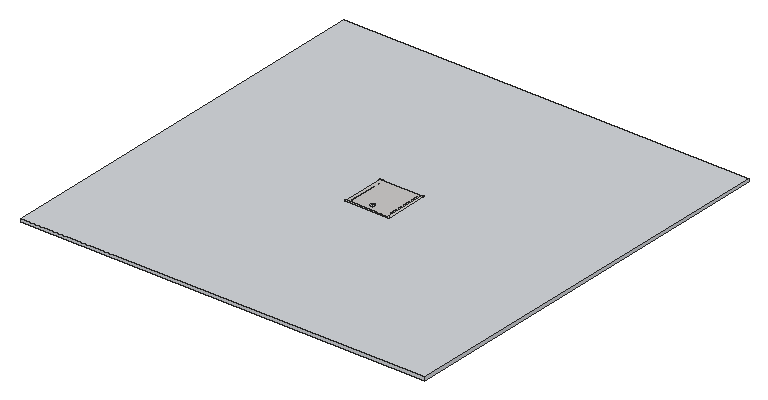
Revit family
Parameters (values of type "8156")
  Waste Connection = no
  WFU = 0
  Vent Connection = no
  URL = "http://www.acorneng.com/"
  Type Comments = ""
  Tempered Water Connection = yes
  SSLF - Stainless Steel Lead Free = no
  Phone# = "626-336-4561"
  Model = "8156"
  Material = Stainless Steel-Acorn-18 Gage-Satin
  Manufacturer = "Acorn Engineering Company"
  HWFU = 3
  HW Connection = yes
  Designed By = "Allied Technical Services"  # constant formula
  Description = "Stainless Steel Recessed Hose Box with Wall Flange and Door (Hot and Cold)"
  Default Elevation = 24"
  Creation Date = "09/25/2015"  # constant formula
  CWFU = 2
  CW Connection = yes
  Assembly Code = "D2020300"
  8156 - Hot & Cold With Vaccum Breaker = yes
Reference planes (in)
  plane 1 "Center (Front/Back)": y = 0
  plane 2: z = 0
  plane 3 "Center (Left/Right)": x = 0
  plane 4: x = -5.25
  plane 5: x = 5.25
  plane 6: y = 5.25
  plane 7: y = -5.25
  plane 8: z = 0.125
  plane 9: z = -1.375
  plane 10: x = -1.75
  plane 11: y = 4.3125
  plane 12: y = -4.3125
  plane 13: x = -4.3125
  plane 14: x = 4.3125
  plane 15: y = -1.8125
  plane 16: y = 1.1875
  plane 17: y = -3.46094
  plane 18: z = -2.5
  plane 19: z = -3.75
  plane 20: z = -1.813
Forms (in)
  Extrusion 1, solid
    sketch origin (0, 0, 0) x (1, 0, 0) y (0, 1, 0)
      loop
        line (-48, 48) -> (-48, -48) -> (48, -48) -> (48, 48) -> (-48, 48)
    from 0 to -0.75
  Blend 2, solid, material "Stainless Steel-Acorn-18 Gage-Satin" <- "Material"
    base sketch origin (0, 0, 0) x (1, 0, 0) y (0, 1, 0)
      loop
        line (-5.25, 5) -> (-5.25, -5)
        arc (-5.25, -5) -> (-5.17678, -5.17678) -> (-5, -5.25) r 0.25
        line (-5, -5.25) -> (5, -5.25)
        arc (5, -5.25) -> (5.17678, -5.17678) -> (5.25, -5) r 0.25
        line (5.25, -5) -> (5.25, 5)
        arc (5.25, 5) -> (5.17678, 5.17678) -> (5, 5.25) r 0.25
        line (5, 5.25) -> (-5, 5.25)
        arc (-5, 5.25) -> (-5.17678, 5.17678) -> (-5.25, 5) r 0.25
    top sketch origin (0, 0, 0) x (1, 0, 0) y (0, 1, 0)
      loop
        line (4.875, 5) -> (-4.875, 5)
        arc (-4.875, 5) -> (-4.96339, 4.96339) -> (-5, 4.875) r 0.125
        line (-5, 4.875) -> (-5, -4.875)
        arc (-5, -4.875) -> (-4.96339, -4.96339) -> (-4.875, -5) r 0.125
        line (-4.875, -5) -> (4.875, -5)
        arc (4.875, -5) -> (4.96339, -4.96339) -> (5, -4.875) r 0.125
        line (5, -4.875) -> (5, 4.875)
        arc (5, 4.875) -> (4.96339, 4.96339) -> (4.875, 5) r 0.125
    from 0 to 0.125
  Extrusion 3, void
    sketch origin (0, 0, 0) x (1, 0, 0) y (0, 1, 0)
      loop
        arc (-4.23485, 4.29631) -> (-4.27904, 4.27801) -> (-4.29735, 4.23381) r 0.0625
        line (-4.29735, 4.23381) -> (-4.29735, -4.23496)
        arc (-4.29735, -4.23496) -> (-4.2789, -4.27951) -> (-4.23435, -4.29796) r 0.063
        line (-4.23435, -4.29796) -> (4.23335, -4.29796)
        arc (4.23335, -4.29796) -> (4.2779, -4.27951) -> (4.29635, -4.23496) r 0.063
        line (4.29635, -4.23496) -> (4.29635, 4.23381)
        arc (4.29635, 4.23381) -> (4.27804, 4.27801) -> (4.23385, 4.29631) r 0.0625
        line (4.23385, 4.29631) -> (-4.23485, 4.29631)
    from -1.36002 to 0.125
  Extrusion 4, solid, material "Stainless Steel-Acorn-18 Gage-Satin" <- "Material"
    sketch origin (0, 0, 0) x (1, 0, 0) y (0, 1, 0)
      loop
        line (-4.3125, 4.21875) -> (-4.3125, -4.21825)
        arc (-4.3125, -4.21825) -> (-4.28489, -4.28489) -> (-4.21825, -4.3125) r 0.09425
        line (-4.21825, -4.3125) -> (4.21825, -4.3125)
        arc (4.21825, -4.3125) -> (4.28489, -4.28489) -> (4.3125, -4.21825) r 0.09425
        line (4.3125, -4.21825) -> (4.3125, 4.21875)
        arc (4.3125, 4.21875) -> (4.28504, 4.28504) -> (4.21875, 4.3125) r 0.09375
        line (4.21875, 4.3125) -> (-4.21875, 4.3125)
        arc (-4.21875, 4.3125) -> (-4.28504, 4.28504) -> (-4.3125, 4.21875) r 0.09375
    from -1.375 to 0
  Revolve 5, solid, material "Stainless Steel-Acorn-18 Gage-Satin" <- "Material"
    sketch origin (1.541, -3.46094, 0) x (1, 0, 0) y (0, 0, 1)
      loop
        line (-1.541, 0.125) -> (-1.541, 0.21641) -> (-1.63361, 0.21641) -> (-1.63361, 0.25) -> (-1.875, 0.25) -> (-2, 0.125) -> (-1.541, 0.125)
      axis (-1.541, 0.125) -> (-1.541, 0.25)
    angle from 0 to 360
  Extrusion 6, void
    sketch origin (0, 0, 0) x (1, 0, 0) y (0, 1, 0)
      loop
        line (0.20172, -3.43665) -> (-0.19476, -3.43665) -> (-0.19476, -3.48523) -> (0.20172, -3.48523) -> (0.20172, -3.43665)
    from 0.21641 to 0.25
  Revolve 7, solid, material "Stainless Steel-Acorn-18 Gage-Satin" <- "Material"
    sketch origin (0.0564, 1.1875, -0.125) x (1, 0, 0) y (0, 0, 1)
      loop
        line (0.3801, -1.39537) -> (0.5361, -1.39537) -> (0.5361, -1.59475) -> (0.4421, -1.59475) -> (0.4421, -2.25125) -> (0.4421, -2.93825)
        arc (0.4421, -2.93825) -> (0.65849, -3.43918) -> (1.17155, -3.625) r 0.688
        line (1.17155, -3.625) -> (1.9116, -3.625) -> (1.9116, -1.25) -> (0.3801, -1.25) -> (0.3801, -1.39537)
      axis (1.9116, -1.25) -> (1.9116, -3.625)
    angle from 0 to 360
  Revolve 8, solid, material "Stainless Steel-Acorn-18 Gage-Satin" <- "Material"
    sketch origin (0.0564, 1.1875, 0.09375) x (1, 0, 0) y (0, 0, 1)
      loop
        line (3.13024, -1.90675) -> (3.13024, -2.59375) -> (4.2561, -2.59375) -> (4.2561, -1.96975) -> (4.1931, -1.90675) -> (4.0061, -1.90675) -> (3.9436, -1.96925) -> (3.64128, -1.96925)
        arc (3.64128, -1.96925) -> (3.61755, -1.96453) -> (3.59744, -1.95109) r 0.062
        line (3.59744, -1.95109) -> (3.57126, -1.92491)
        arc (3.57126, -1.92491) -> (3.55114, -1.91147) -> (3.52742, -1.90675) r 0.062
        line (3.52742, -1.90675) -> (3.13024, -1.90675)
      axis (3.13024, -2.59375) -> (4.2561, -2.59375)
    angle from 0 to 360
  Revolve 9, solid, material "Stainless Steel-Acorn-18 Gage-Satin" <- "Material"
    sketch origin (0, -1.8125, -0.03125) x (1, 0, 0) y (0, 0, 1)
      loop
        line (-2.4949, -1.813) -> (-2.4329, -1.813) -> (-2.4329, -1.90725) -> (-2.28511, -1.90725)
        arc (-2.28511, -1.90725) -> (-2.2478, -1.91973) -> (-2.22551, -1.95215) r 0.062
        line (-2.22551, -1.95215) -> (-1.75, -1.95215) -> (-1.75, -1.34375) -> (-3.75, -1.34375) -> (-3.20833, -1.75) -> (-2.4949, -1.75) -> (-2.4949, -1.813)
      axis (-1.75, -1.34375) -> (-1.75, -1.95215)
    angle from 0 to 360
  Revolve 10, solid, material "Stainless Steel-Acorn-18 Gage-Satin" <- "Material"
    sketch origin (0.0564, -1.8125, -0.125) x (1, 0, 0) y (0, 0, 1)
      loop
        line (0.3801, -1.39537) -> (0.5361, -1.39537) -> (0.5361, -1.59475) -> (0.4421, -1.59475) -> (0.4421, -2.25125) -> (0.4421, -2.93825)
        arc (0.4421, -2.93825) -> (0.65849, -3.43918) -> (1.17155, -3.625) r 0.688
        line (1.17155, -3.625) -> (1.9116, -3.625) -> (1.9116, -1.25) -> (0.3801, -1.25) -> (0.3801, -1.39537)
      axis (1.9116, -1.25) -> (1.9116, -3.625)
    angle from 0 to 360
  Revolve 11, solid, material "Stainless Steel-Acorn-18 Gage-Satin" <- "Material"
    sketch origin (0.0564, -1.8125, 0.09375) x (1, 0, 0) y (0, 0, 1)
      loop
        line (3.13024, -1.90675) -> (3.13024, -2.59375) -> (4.2561, -2.59375) -> (4.2561, -1.96975) -> (4.1931, -1.90675) -> (4.0061, -1.90675) -> (3.9436, -1.96925) -> (3.64128, -1.96925)
        arc (3.64128, -1.96925) -> (3.61755, -1.96453) -> (3.59744, -1.95109) r 0.062
        line (3.59744, -1.95109) -> (3.57126, -1.92491)
        arc (3.57126, -1.92491) -> (3.55114, -1.91147) -> (3.52742, -1.90675) r 0.062
        line (3.52742, -1.90675) -> (3.13024, -1.90675)
      axis (3.13024, -2.59375) -> (4.2561, -2.59375)
    angle from 0 to 360
  Sweep 12, solid, material "Stainless Steel-Acorn-18 Gage-Satin" <- "Material"
    path origin (0, 0, 0) x (1, 0, 0) y (0, 0, 1)
      loop
        line (0.78789, -2.5) -> (-1.25, -2.5)
        arc (-1.25, -2.5) -> (-1.60355, -2.35355) -> (-1.75, -2) r 0.5
        line (-1.75, -2) -> (-1.75, -1.78125)
    profile origin (-0.23105, 0, -2.5) x (0, 0, -1) y (0, -1, 0)
      loop
        circle (0, 1.8125) r 0.375
  Sweep 13, solid, material "Stainless Steel-Acorn-18 Gage-Satin" <- "Material"
    path origin (0, 0, 0) x (1, 0, 0) y (0, 1, 0)
      loop
        line (1.22795, 1.1875) -> (-0.27205, 1.1875)
        arc (-0.27205, 1.1875) -> (-0.6256, 1.04105) -> (-0.77205, 0.6875) r 0.5
        line (-0.77205, 0.6875) -> (-0.77205, -1.8125)
    profile origin (0.47795, 1.1875, 0) x (0, -1, 0) y (0, 0, 1)
      loop
        circle (0, -2.5) r 0.375
Cuts and joins
  Extrusion 6 cuts Blend 2
  Extrusion 3, Extrusion 6 cuts Extrusion 4
  Extrusion 6 cuts Revolve 5
  joined: Blend 2, Extrusion 4, Revolve 5, Revolve 7, Revolve 8, Revolve 9, Revolve 10, Revolve 11, Sweep 12, Sweep 13
Lines and regions (in)
  Split face 1
    outline origin (0, 0, 0.125) x (1, 0, 0) y (0, 1, 0)
      loop
        arc (-4.23485, 4.29631) -> (-4.27904, 4.27801) -> (-4.29735, 4.23381) r 0.0625
        line (-4.29735, 4.23381) -> (-4.29735, -4.23496)
        arc (-4.29735, -4.23496) -> (-4.2789, -4.27951) -> (-4.23435, -4.29796) r 0.063
        line (-4.23435, -4.29796) -> (4.23335, -4.29796)
        arc (4.23335, -4.29796) -> (4.2779, -4.27951) -> (4.29635, -4.23496) r 0.063
        line (4.29635, -4.23496) -> (4.29635, 4.23381)
        arc (4.29635, 4.23381) -> (4.27804, 4.27801) -> (4.23385, 4.29631) r 0.0625
        line (4.23385, 4.29631) -> (-4.23485, 4.29631)
Dimensions and locks (in)
  plane 4 to plane 5 = 10 1/2"
  plane 7 to plane 6 = 10 1/2"
  plane 4 to plane 10 = 3 1/2"
  plane 12 to plane 11 = 8 5/8"  (x2)
  plane 12 to plane 15 to plane 16 = 2 1/2", 3"
  Extrusion 1 to plane 9 = 1 3/8"
  plane 18 to Extrusion 1 = 2 1/2"
  plane 19 to Extrusion 1 = 3 3/4"
  aligned and locked: plane 2 to Extrusion 1
  aligned and locked: level to Extrusion 1
  aligned and locked: Blend 2 to Extrusion 3
  aligned: plane 9 to Extrusion 3
  aligned and locked: Extrusion 4 to plane 13
  aligned and locked: plane 14 to Extrusion 4
Connectors (in)
  piping at (-1.75, -1.8125, -1.9834)
    settings: on Revolve 9, index 1
  piping at (4.3125, 1.1875, -2.5), driven by "HWFU"
    settings: on cut or joined group 1 (Blend 2, Extrusion 3, Extrusion 4, Revolve 5, Extrusion 6, Revolve 7, Revolve 8, Revolve 9, Revolve 10, Revolve 11, Sweep 12, Sweep 13), index 2
  piping at (4.3125, -1.8125, -2.5), driven by "CWFU"
    settings: on cut or joined group 1, index 3
